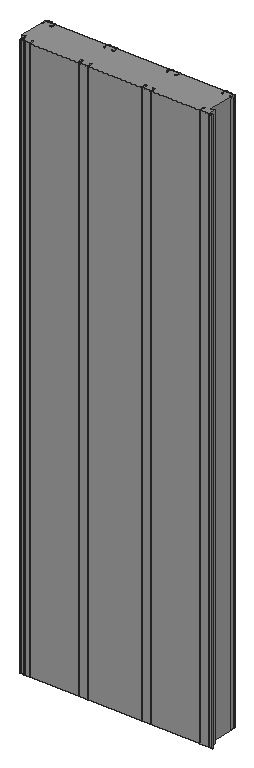
Revit family "1A- Wall Panel", category Generic Models, Revit 2019
Family settings
  Can host rebar = No
  Round Connector Dimension = Use Diameter
  Part Type = Normal
  Work Plane-Based = No
  Always vertical = Yes
  Cut with Voids When Loaded = Yes
  Shared = No
  Room Calculation Point = No
Parameters (values of type "9 1/4"")
  tt [instance] = if(not(Shiplap Trail), if(Trail Angle < 0.00°, (Panel Thickness / sin(90.00° + Trail Angle R)) * sin(-Trail Angle R) + TD, if(Trail Angle R < 0.00°, SLL, TD)), TD)  # 0' - 2"
  tl2 [instance] = if(Shiplap Lead, 0' 1", if(Angled Lead, if(Lead Angle > 0.00°, if(tl = 0' 0", 0' 0", if(tl - 0' 1" < 0' 0", tl, tl)), (Panel Thickness / sin(90.00° + Lead Angle R)) * sin(-Lead Angle R) + tl), 0' 1"))  # 0' - 1"
  not Reverse Array [instance] = and(Ledge 4, not(Reverse Array), not(LEND + Interior Spacing + SS > Panel Width))  # no
  not Ledge Array V [instance] = and(Top Ledge, not(Ledge Array V), Partial Top Ledge Length < Panel Width)  # no
  Trail Studs Height 2 [instance] = if(and(Not Array, Ledge Array Start > LEND), Ledge Studs, Trail Studs Height) - Bottom Ledge Height  # 10' - 4"
  Trail Int. Connector Reinforcement [instance] = no
  Trail Ext Connector Reinforcement [instance] = no
  Trail Gable Cut Height [instance] = 0' - 0"
  Trail Angle [instance] = 0.00°
  Top of cut void [instance] = Panel Height + 0' 1"  # 12' - 1"
  TD [instance] = 0' - 2"  # constant formula
  TCH [instance] = if(Panel Height - Trail Gable Cut Height < 0' 0", 0' 0", Panel Height - Trail Gable Cut Height)  # 12' - 0"
  T Trail 2 [instance] = if(Shiplap Trail, TD, if(Trail Angle > 0.00°, if(Angled Trail, T Trail, TD), if(SH * (T Trail - tt) / Panel Thickness < 0' 0", (SH * (tt - T Trail) / Panel Thickness) + TD, TD)))  # 0' - 2"
  T Trail [instance] = if(Shiplap Trail, TD, if(Trail Angle > 0.00°, (Panel Thickness / sin(90.00° - Trail Angle R)) * sin(Trail Angle R) + TD, if(Trail Angle R > 6.50°, SL, TD)))  # 0' - 2"
  T Lead 2 [instance] = if(Shiplap Lead, SLL + TD, if(Angled Lead, if(Lead Angle > 0.00°, if(Angled Lead, T Lead, TD), if(SH * (tl2 - T Lead) / Panel Thickness < 0' 0", TD + SH, (SH * (tl2 - T Lead) / Panel Thickness) + TD)), TD))  # 0' - 2 7/8"
  T Lead [instance] = if(Shiplap Lead, tl + SLL, if(Lead Angle > 0.00°, (Panel Thickness / sin(90.00° - Lead Angle R)) * sin(Lead Angle R) + tl, if(Lead Angle R > 6.50°, SL, tl + SLL)))  # 0' - 2 7/8"
  tl [instance] = if(not(Shiplap Lead), if(Lead Angle R > 6.50°, SH, TD), TD)  # 0' - 2"
  stud tl [instance] = if(Shiplap Lead, 0' 0", if(Lead Angle > 0.00°, if(Angled Lead, if((SH * (tl2 - T Lead)) / Panel Thickness < 0' 0", ((T Lead 2 - tl) / Panel Thickness) * SH, (SH * (tl2 - T Lead)) / Panel Thickness), 0' 0"), if(Angled Lead, tl2 - tl, 0' 0")))  # 0' - 0"
  Trail Connector INT [instance] = no
  Trail Connector EXT [instance] = no
  Trail Conn. Distance EXT [instance] = 0' - 9 1/4"
  Trail Angle R [instance] = if(Angled Trail, Trail Angle, 0.00°)  # 0.00°
  Stud tt [instance] = if(Shiplap Trail, SL, if(Trail Angle < 0.00°, if(Angled Trail, tt - T Trail, 0' 0"), if(SH * (tt - T Trail) / Panel Thickness < 0' 0", SH * (T Trail - tt) / Panel Thickness, 0' 0")))  # 0' - 0 7/8"
  Stud Count Interior 2 [instance] = if(and(Interior Spacing 2 > Interior Spacing, Stud Count Interior > 2), Stud Count Interior - 1, Stud Count Interior)  # 2
  Stud Count Interior [instance] = if((PW - Stud Spacing) / Stud Spacing - if(and(or(if(Top Ledge, Ledge Spacing, Interior Spacing 2) > Stud Spacing, Interior Array Start > Stud Spacing), and(or(Lead Connector INT, Trail Connector INT))), 1, 0) < 2, 2, (PW - Stud Spacing) / Stud Spacing - if(and(or(if(Top Ledge, Ledge Spacing, Interior Spacing 2) > Stud Spacing, Interior Array Start > Stud Spacing), and(or(Lead Connector INT, Trail Connector INT))), 1, 0))  # 2
  Stud Count Exterior Comp [instance] = if(Stud Count Exterior < 2, 2, Stud Count Exterior)  # 2
  Stud Count Exterior 2 [instance] = if(and(Stud Count Exterior Comp > 2, Exterior Spacing 2 > stud tl + SS, Angled Lead, Lead Angle < 0.00°), Stud Count Exterior Comp - 1, Stud Count Exterior Comp)  # 2
  Stud Count Exterior [instance] = if(or(and(not(Exterior Spacing = Spacing), Exterior Array Offset = 0' 0"), Exterior Array Start 2 > Interior Array Start 2), Stud Count - 1, Stud Count)  # 2
  Spacing [instance] = if(PW - (Stud Spacing * Stud Count) - SS / 2 < SS, SS, PW - (Initial Stud Spacing + SS + Stud Spacing * (Stud Count - 1)))  # 1' - 1 7/8"
  Shiplap Thickness = 0' - 1 3/4"  # constant formula
  Shiplap Length [instance] = 0' - 0 7/8"  # constant formula
  SS [instance] = 0' - 2 1/2"  # constant formula
  SLL [instance] = if(not(Shiplap Lead), 0' 0", Shiplap Length)  # 0' - 0 7/8"
  SH [instance] = 0' - 1 3/16"  # constant formula
  Reverse Ledge Spacing [instance] = if(not(Top Ledge Lead to Trail), roundup((LEND + SS) / Stud Spacing) * Stud Spacing, Panel Width / 2)  # 5' - 4"
  Reverse Ledge Array [instance] = if((Panel Width - LEND - Interior Spacing) / Stud Spacing < 2, 2, (Panel Width - LEND - Interior Spacing) / Stud Spacing)  # 2
  Reverse Array [instance] = and(Ledge 4, not((Panel Width - LEND - Interior Spacing) / Stud Spacing < 1), not(LEND + Interior Spacing + 2 * SS > Panel Width))  # no
  Reinforcement Trail Stud D [instance] = if(not(Angled Trail), 0' 5", 0' 5" + Stud tt)  # 0' - 5"
  Reinforcement Trail Stud Height [instance] = if(Top Ledge, if(and(LSTART > 0' 0", LSTART < 0' 5"), Ledge Studs, Interior Stud Height), Interior Stud Height)  # 12' - 0"
  Reinforcement Lead Stud Height [instance] = if(Top Ledge, if(and(LEND < Panel Width, LSTART = 0' 0", (Panel Width - LEND) > 0' 5"), Interior Stud Height, Ledge Studs), Interior Stud Height)  # 12' - 0"
  RFS2 [instance] = 1' - 1 1/2"
  RFS1 [instance] = 0' - 11 3/4"
  RFI [instance] = 0' - 3 15/32"
  Partial Ledge Lead [instance] = if(LSTART > 0' 0", 1 = 0, 1 = 1)  # yes
  PW [instance] = if(not(Shiplap Trail), if(Shiplap Lead, Panel Width - Shiplap Length, Panel Width), if(Shiplap Lead, Panel Width, Panel Width + Shiplap Length))  # 4' - 0"
  Top Ledge Lead to Trail [instance] = no
  Partial top Ledge Start [instance] = 0' - 0"
  Ledge Spacing [instance] = if(Lead Connector INT, if(Lead Conn. Distance INT < Spacing + SS, if(and(PW - LLEN < Interior Spacing 2, not(Top Ledge Lead to Trail)), Lead Conn. Distance INT - SS, if(Lead Conn. Distance INT + SS > Interior Spacing 2, Lead Conn. Distance INT - SS, Interior Spacing 2)), if(Spacing < 2 * SS, if(Spacing + Stud Spacing < Lead Conn. Distance INT + SS, Spacing + 2 * Stud Spacing, Spacing + Stud Spacing), Spacing)), if(LEND < Panel Width, if(PW - LEND + SS < Interior Spacing, Interior Spacing 2, Interior Spacing 2 + Stud Spacing), Interior Spacing 2))  # 1' - 1 7/8"
  Partial Top Ledge Length [instance] = 0' - 0"
  Top Ledge Corner Stud [instance] = no
  Ledge Array V [instance] = if(and(Top Ledge, not(Panel Width - (Ledge Array Start + Ledge Spacing) < Stud Spacing)), Top Ledge, 1 = 0)  # no
  Ledge Array Start [instance] = if(Trail Connector INT, Interior Array Start, if(and(LSTART = 0' 0", not(Top Ledge Lead to Trail)), Interior Array Start, if(((roundup(LSTART / Stud Spacing)) * Stud Spacing) - LSTART < SS, if(LSTART = 0' 0", Stud Spacing - SS / 2, (roundup(LSTART / Stud Spacing)) * Stud Spacing) - SS / 2 + Shiplap Length, if(LSTART = 0' 0", Stud Spacing - SS / 2, (roundup(LSTART / Stud Spacing)) * Stud Spacing) - SS / 2 + Shiplap Length)))  # 1' - 3 5/8"
  Ledge Array Comp 2 [instance] = and(Ledge 4, Ledge Spacing > SS, LEND < PW, not(Angled Lead))  # no
  Ledge Array Comp [instance] = and(Ledge 2, Ledge Array Start - LSTART > Stud Spacing, not(ButtedUp Trail Stud INT))  # no
  Ledge Array 2 [instance] = if(Ledge Array < 2, 2, Ledge Array)  # 2
  Ledge Array [instance] = if((LLEN - Ledge Array Start - (Interior Spacing)) / Stud Spacing < 2, 2, roundup((LLEN - Ledge Array Start - (Interior Spacing)) / Stud Spacing)) + if(and(Lead Conn. Distance INT > Spacing + SS, Spacing + Stud Spacing < Lead Conn. Distance INT + SS, Lead Connector INT), -1, 0)  # 2
  Ledge 6 [instance] = if(and(Ledge 4, Top Ledge Corner Stud), 1 = 1, 1 = 0)  # no
  Ledge 5 [instance] = if(and(Ledge 3, Top Ledge Corner Stud), 1 = 1, 1 = 0)  # no
  Ledge 4 [instance] = if(Top Ledge, if(and(Ledge 2, not(Ledge 3)), Top Ledge, not(Top Ledge)), Top Ledge)  # no
  Ledge 3 [instance] = if(Top Ledge, if(and(LSTART > 0' 0", LEND = Panel Width, LLEN > Stud Spacing, not(Top Ledge Lead to Trail)), Top Ledge, not(Top Ledge)), Top Ledge)  # no
  Ledge 2 [instance] = if(Top Ledge, if(and(or(Partial top Ledge Start > 0' 0", LEND < Panel Width), LEND - Ledge Array Start > Stud Spacing), Top Ledge, and(not(LEND < Stud Spacing), LSTART = 0' 0", Partial Top Ledge Length < Panel Width)), 1 = 0)  # no
  Ledge 1 [instance] = and(if(Top Ledge, if(Ledge 2, not(Top Ledge), Top Ledge), not(Top Ledge)), not(Interior Array Start > Panel Width), Panel Width - SS > Stud Spacing, not(Interior Array Start 2 > Panel Width - 2 * SS - (T Lead 2 - TD)), not(Panel Width < Interior Array Start 2 + Stud Spacing + Interior Spacing))  # yes
  Top Ledge [instance] = no
  Trail Studs Height [instance] = if(Top Ledge, if(and(LEND = Panel Width, LSTART = 0' 0"), Ledge Studs, if(LEND = Panel Width, Interior Stud Height, Panel Height - Top Ledge Height)), Interior Stud Height)  # 12' - 0"
  Lead Studs Height [instance] = if(Top Ledge, if(and(LSTART > 0' 0", LEND = PW), if(Bottom Ledge, Panel Height - Top Ledge Height - Bottom Ledge Height, Panel Height - Top Ledge Height), if(and(LSTART = 0' 0", LEND = PW), Ledge Studs, Interior Stud Height)), Interior Stud Height)  # 12' - 0"
  Lead Ext Connector Reinforcement [instance] = no
  Lead Gable Cut Height [instance] = 0' - 0"
  LSTART [instance] = if(Top Ledge, if(Top Ledge Lead to Trail, Partial top Ledge Start, 0' 0"), 0' 0")  # 0' - 0"
  LLEN [instance] = LEND - LSTART  # 4' - 0"
  LHEIGHT [instance] = if(Top Ledge, Top Ledge Height, 0' 0")  # 0' - 0"
  LFSI2 [instance] = 0' - 11"
  LFSI1 [instance] = 0' - 5"
  LFE [instance] = 1' - 3"
  LEND [instance] = if(Top Ledge, if(Top Ledge Lead to Trail, if(Partial top Ledge Start + Partial Top Ledge Length > PW, PW, Partial top Ledge Start + Partial Top Ledge Length), PW - Partial top Ledge Start), PW)  # 4' - 0"
  LCH [instance] = -SLL * (TCH - (Panel Height - Lead Gable Cut Height)) / Panel Width + (Panel Height - Lead Gable Cut Height)  # 12' - 0"
  LC2 [instance] = if(and(Top Ledge, Top Ledge Corner Stud, not(Top Ledge Lead to Trail)), Top Ledge Corner Stud, 1 = 0)  # no
  LC1 [instance] = if(and(Top Ledge, Top Ledge Corner Stud, Top Ledge Lead to Trail), Top Ledge Corner Stud, 1 = 0)  # no
  LBH [instance] = if(Bottom Ledge, Bottom Ledge Height, 0' 0")  # 0' - 0"
  Interior Spacing 2 [instance] = if(and(Interior Spacing < 2 * SS, INT Reinf Lead), if(and(Lead Connector INT, not(PW > 3 * Stud Spacing)), Lead Conn. Distance INT + SS, Interior Spacing + Stud Spacing), if(and(Lead Connector INT, Interior Spacing < Lead Conn. Distance INT + SS, PW < 3.75 * Stud Spacing), Lead Conn. Distance INT + SS, Interior Spacing))  # 1' - 1 7/8"
  Interior Array Start 2 [instance] = if(Interior Array Start < SS, Interior Array Start + Stud Spacing, Interior Array Start)  # 1' - 3 5/8"
  Int. Trail Conn. Stud Height [instance] = if(Partial top Ledge Start < Trail Conn. Distance INT, Panel Height - Interior Stud Height Offset, Ledge Studs) - Bottom Ledge Height  # 10' - 4"
  Initial Stud Spacing [instance] = if(Shiplap Trail, Stud Spacing + Shiplap Length - SS / 2, Stud Spacing - SS / 2)  # 1' - 3 5/8"
  INT Reinf Lead [instance] = or(Int Reinforcement Lead Stud, Interior Spacing > Stud Spacing)  # no
  GCTOP [instance] = 10' - 7.57588"
  Exterior Spacing 2 [instance] = if(Exterior Spacing < stud tl + SS, Exterior Spacing + Stud Spacing, Exterior Spacing)  # 1' - 1 7/8"
  Exterior Array Start 2 [instance] = if(Exterior Array Start < SS, Exterior Array Start + Stud Spacing, if(Exterior Array Start < Stud tt + SS, Exterior Array Start + Stud Spacing, Exterior Array Start))  # 1' - 3 5/8"
  Ext Reinforcement Trail Stud [instance] = no
  Reinforcement Lead Stud D [instance] = if(not(Angled Lead), SS - SLL, SS + stud tl)  # 0' - 1 5/8"
  Int Reinforcement Lead Stud [instance] = no
  Not Lead Shiplap [instance] = not(Shiplap Lead)  # no
  Not Female Trail [instance] = not(Female Trail)  # no
  Not Trail Shiplap [instance] = not(Shiplap Trail)  # no
  Stud Spacing [instance] = 1' - 4"
  Stud Material = Galvanized Steel
  Stud Count [instance] = if((PW - Stud Spacing) / Stud Spacing < 2, 2, (PW - Stud Spacing) / Stud Spacing)  # 2
  Panel Width [instance] = 4' - 0"
  Panel Thickness = 0' - 9 1/4"
  Panel Height [instance] = 12' - 0"
  Not Female Lead Exterior [instance] = and(not(Female Lead Exterior Auto), not(Shiplap Lead))  # no
  Not FTI [instance] = not(FTI)  # no
  Not FTE [instance] = not(FTE)  # no
  Not FLI [instance] = not(FLI)  # no
  Not Exterior Array [instance] = and(not(Exterior Array), not(Panel Width < Stud Spacing + 0' 5"), not(PW - stud tl - SS < Exterior Array Start + SS))  # no
  Not Array [instance] = and(or(and(not(Main Array), not(Panel Width < Stud Spacing + 2 * SS)), and(Ledge 3, Interior Array Start < LSTART), not(Interior Array Start > Panel Width), Panel Width - SS > Stud Spacing, not(Interior Array Start > Panel Width - 2 * SS - (T Lead 2 - TD))), not(Interior Array Start > Panel Width), Panel Width - SS > Stud Spacing, not(Interior Array Start > Panel Width - 2 * SS - (T Lead 2 - TD)), not(Ledge 1), not(Ledge 2), if(Lead Connector INT, (Panel Width - Lead Conn. Distance INT > Interior Array Start + SS), not((Lead Connector INT))))  # no
  Male Stud Gauge [instance] = Male Stud : 20 gauge
  Main Array [instance] = and((Panel Width - Interior Array Start) > Stud Spacing, not(Panel Width < Stud Spacing + 2 * SS), Panel Width > (Stud Spacing * Stud Count))  # yes
  Ledge Male Stud Gauge [instance] = Male Stud : 20 gauge
  Top Ledge Height [instance] = 1' - 1 1/2"
  Ledge Female Stud Gauge [instance] = Female Stud : 20 Gauge
  Ledge Common Stud Gauge [instance] = Common Stud : 20 gauge
  Shiplap Lead [instance] = yes
  ST [instance] = if(not(Shiplap Lead), 0' 0", Shiplap Thickness)  # 0' - 1 3/4"
  Ledge Studs [instance] = if(LLEN < Stud Spacing, Interior Stud Height, if(Top Ledge, if(Bottom Ledge, Panel Height - Top Ledge Height - Bottom Ledge Height, Panel Height - Top Ledge Height), Interior Stud Height))  # 12' - 0"
  Top Ledge Depth [instance] = 0' - 3 3/4"
  Lead Int. Connector Reinforcement [instance] = no
  Lead Connector EXT [instance] = no
  Lead Conn. Distance EXT [instance] = 0' - 9 1/4"
  Lead Angle [instance] = 0.00°
  Interior Stud Height Offset [instance] = 0' - 0"
  Interior Stud Height [instance] = Panel Height - Interior Stud Height Offset - if(Bottom Ledge, Bottom Ledge Height, 0' 0")  # 12' - 0"
  Lead Angle R [instance] = if(Angled Lead, Lead Angle, 0.00°)  # 0.00°
  Int Reinforcement Trail [instance] = no
  Ext Reinforcement Lead [instance] = no
  Interior Double Stud Corner [instance] = Spacing - T Lead > Stud Spacing  # no
  Interior Array Offset [instance] = 0' - 0"
  Female Trail Interior [instance] = no
  Lead Connector INT [instance] = no
  Interior Trail Female Corner [instance] = and(not(Lead Connector INT), Trail Connector INT)  # no
  Interior Spacing [instance] = if(or(not(Interior Lead Female Corner), (Lead Conn. Distance INT < (Spacing - SS))), if(Angled Lead, if(Lead Angle > 0.00°, if(Int Reinforcement Lead Stud, if(T Lead - tl + 2 * SS < Spacing + SS, Spacing, Spacing + Stud Spacing), if(Spacing + SS > T Lead - tl + 2 * SS, Spacing, Spacing + Stud Spacing)), Spacing), Spacing), if(Lead Conn. Distance INT + SS < Spacing, Spacing, Spacing + Stud Spacing)) - Interior Array Offset  # 1' - 1 7/8"
  Interior Lead Female Corner [instance] = and(Lead Connector INT)  # no
  Interior Array Start [instance] = if(and(Trail Connector INT, Trail Conn. Distance INT > (Initial Stud Spacing - SS)), Initial Stud Spacing + Stud Spacing, if(and(Lead Connector INT, PW - (Lead Conn. Distance INT + SS) < Stud Spacing + SS), PW - (Lead Conn. Distance INT + 2 * SS), Stud Spacing - SS / 2)) + if(and(Shiplap Lead, not(Shiplap Trail)), 0' 0", if(not(Shiplap Trail), 0' 0", Shiplap Length)) + Interior Array Offset  # 1' - 3 5/8"
  Foam Density [instance] = 1.5
  Female Trail Exterior [instance] = no
  Female Trail [instance] = yes
  Shiplap Trail [instance] = yes
  Female Stud Gauge [instance] = Female Stud : 20 Gauge
  Female Lead Interior [instance] = no
  Female Lead Exterior Auto [instance] = or(and(not(Shiplap Lead), (Female Lead)), and(not(Shiplap Lead), not(Female Lead), Female Lead Exterior))  # no
  Female Lead Exterior [instance] = no
  Female Lead [instance] = yes
  Trail Conn. Distance INT [instance] = 0' - 9 1/4"
  Lead Conn. Distance INT [instance] = 0' - 9 1/4"
  SL [instance] = if(not(Shiplap Trail), 0' 0", Shiplap Length)  # 0' - 0 7/8"
  Not Female Lead [instance] = not(Female Lead)  # no
  FTI [instance] = if(Female Trail, Female Trail, and(Not Female Trail, (Female Trail Interior)))  # yes
  FTE [instance] = if(Female Trail, Female Trail, and(Not Female Trail, (Female Trail Exterior)))  # yes
  FLI [instance] = if(Female Lead, Female Lead, and(Not Female Lead, (Female Lead Interior)))  # yes
  Exterior Trail Female Corner [instance] = and(not(Lead Connector EXT), Trail Connector EXT)  # no
  Exterior Stud Height Offset [instance] = 0' - 0"
  Exterior Spacing [instance] = if(or(not(Exterior Lead Female Corner), (Lead Conn. Distance EXT < (Spacing - SS))), if(Angled Lead, if(stud tl + SS > Spacing, Spacing + Stud Spacing, Spacing), if(not(Shiplap Lead), if(Ext Reinforcement Lead, Spacing + Stud Spacing, Spacing), if(Ext Reinforcement Lead, Spacing, Spacing))), Spacing + Stud Spacing) - Exterior Array Offset  # 1' - 1 7/8"
  Exterior Lead Female Corner [instance] = and(Lead Connector EXT, not(Trail Connector EXT))  # no
  Exterior Comon Double Stud [instance] = if(not(Shiplap Lead), 0' 3 1/2", 0' 2 1/2")  # 0' - 2 1/2"
  Exterior Array Start [instance] = if(and(Exterior Trail Female Corner, Trail Conn. Distance EXT > (Stud Spacing - SS)), Stud Spacing * 2 - SS / 2, Stud Spacing - SS / 2 + if(and(Shiplap Lead, not(Shiplap Trail)), 0' 0", if(not(Shiplap Trail), 0' 0", Shiplap Length))) + Exterior Array Offset  # 1' - 3 5/8"
  Exterior Array Offset [instance] = 0' - 0"
  Exterior Array [instance] = not((Exterior Spacing + Stud Spacing + Exterior Array Start 2) > Panel Width)  # yes
  Exterior Stud Height [instance] = Panel Height - Exterior Stud Height Offset  # 12' - 0"
  EXT Reinf Lead [instance] = or(Ext Reinforcement Lead, Exterior Spacing > Stud Spacing)  # no
  EPS = EPS 2
  Double Stud Corner [instance] = Spacing - stud tl > Stud Spacing  # no
  Show Cut Lines [instance] = no
  Cut Line RF [instance] = 4' - 0"
  Cut Line LF [instance] = 3' - 0"
  Cut Line RB [instance] = 2' - 6"
  Cut Line LB [instance] = 1' - 0"
  Connector Trail Stud Height 2 [instance] = if(and(Trail Connector INT, Trail Conn. Distance INT = LSTART), Panel Height, Ledge Studs)  # 12' - 0"
  Connector Trail Stud Height [instance] = if(Top Ledge, if(and(LSTART > 0' 0", LSTART < Trail Conn. Distance INT), Interior Stud Height, Ledge Studs), Interior Stud Height)  # 12' - 0"
  Connector Lead Stud Height [instance] = if(Top Ledge, if(and(LEND < Panel Width, (Panel Width - LEND) < Lead Conn. Distance INT), Ledge Studs, Interior Stud Height), Interior Stud Height)  # 12' - 0"
  Comp. Stud Trail Exterior [instance] = Trail Conn. Distance EXT + SS  # 0' - 11 3/4"
  Comp. Stud Trail Interior [instance] = Trail Conn. Distance INT + SS  # 0' - 11 3/4"
  Comp. Stud Lead Exterior [instance] = Lead Conn. Distance EXT + SS  # 0' - 11 3/4"
  Comp. Stud Lead Interior [instance] = Lead Conn. Distance INT + SS  # 0' - 11 3/4"
  Common Stud gauge [instance] = Common Stud : 20 gauge
  Com Conn Stud Trail INT [instance] = if(Trail Connector INT, if(and(Trail Conn. Distance INT > Initial Stud Spacing, Trail Conn. Distance INT < Initial Stud Spacing + SS), Trail Conn. Distance INT, Trail Conn. Distance INT + SS), Trail Conn. Distance INT)  # 0' - 9 1/4"
  ButtedUp Trail Stud INT [instance] = or(and(Trail Connector INT, (Trail Conn. Distance INT > Initial Stud Spacing), Trail Conn. Distance INT - SS < Initial Stud Spacing), Trail Int. Connector Reinforcement)  # no
  ButtedUp Trail Stud EXT [instance] = or(and(Exterior Trail Female Corner, (Trail Conn. Distance EXT > Stud Spacing), Trail Conn. Distance EXT > Stud tt + SS), Trail Ext Connector Reinforcement)  # no
  Butted to reiforcement Lead [instance] = and(Not Exterior Array, Int Reinforcement Lead Stud, (Panel Width - (Exterior Array Start + Exterior Spacing + 0' 2 1/2" + SL) > Stud Spacing))  # no
  Buted Up Lead Stud INT [instance] = or(and(Lead Connector INT, Lead Conn. Distance INT > Spacing + SS, not(Lead Conn. Distance INT - SS = Spacing), Stud Count Interior 2 > 2), Lead Int. Connector Reinforcement)  # no
  Buted Up Lead Stud EXT [instance] = or(and(Exterior Lead Female Corner, (Lead Conn. Distance EXT - 0' 2 1/2") > Stud Spacing), Lead Ext Connector Reinforcement)  # no
  Bottom Ledge Height [instance] = 1' - 8"
  Bottom Ledge Depth [instance] = 0' - 4"
  Bottom Ledge [instance] = no
  Angled Trail [instance] = no
  Angled Lead [instance] = no
Reference planes (in)
  plane 1 "Center (Front/Back)": y = 0
  plane 2: z = 0
  plane 3 "Center (Left/Right)": x = 0
  plane 4 "Tail Edge": x = -24
  plane 5 "Lead Edge": x = 24
  plane 6 "Interior Face": y = 4.625
  plane 7 "Exterior Face": y = -4.625
  plane 8 "T/O Panel": z = 144
  plane 9: x = 10.125
  plane 10: x = -8.375
  plane 11 "Bottom of Ledge": z = 144
  plane 12 "RB": z = 30
  plane 13 "LB": z = 12
  plane 14 "LF": z = 36
  plane 15 "RF": z = 48
  plane 16 "Center L/AA": y = 0.875
  plane 17 "Ledge Start": x = -24
  plane 18 "Ledge End": x = 24
  plane 19 "Ledge Array Start": x = -8.375
  plane 20 "Center L/CC": x = 24.875
  plane 21 "Top of ledge void": z = 145
  plane 22 "Lead Ship. Exterior Corner": x = 19
  plane 23 "Lead Ship. Interior Corner": x = 13
  plane 24 "Lead Ship. Interior Rev Corner": x = 9
  plane 25 "Trail Ship Interior Corner": x = -13
  plane 26 "Trail Ship Exterior Corner": x = -9
  plane 27 "Trail Ship Rev Intereior Corner": x = -19
  plane 28 "Trail Shiplap Interior Corner": y = -3.45999
  plane 29 "Trail Shiplap Rev Interior Corner": y = -2.875
  plane 30 "u": z = -1
  plane 31 "Bottom Ledge": z = 0
  plane 32 "Bottom Ledge Depth": y = 0.625
Forms (in)
  Extrusion 1, void
    sketch origin (0, 0, 0) x (1, 0, 0) y (0, 1, 0)
      loop
        line (25.875, -2.875) -> (25.875, 4.625) -> (24, 4.625) -> (24, -2.875) -> (25.875, -2.875)
    from 0 to 144 <- "Panel Height"
  Extrusion 2, solid, material "EPS 2" <- "EPS"
    sketch origin (0.71514, 2.375, 0) x (1, 0, 0) y (0, 1, 0)
      loop
        line (-24.71514, 2.25) -> (-24.71514, -7) -> (24.15986, -7) -> (24.15986, 2.25) -> (-24.71514, 2.25)
    from 0 to 144 <- "Panel Height"
  Extrusion 3, void
    sketch origin (0, 0, 0) x (1, 0, 0) y (0, 0, 1)
      loop
        line (24, 144) -> (24, 145) -> (-24, 145) -> (-24, 144) -> (24, 144)
    from -0.875 to -4.625
  Extrusion 4, void
    sketch origin (0, 0, 0) x (1, 0, 0) y (0, 1, 0)
      loop
        line (-23.125, -4.625) -> (-23.125, -2.875) -> (-26, -2.875) -> (-26, -4.625) -> (-23.125, -4.625)
    from 0 to 144
  Extrusion 5, void
    sketch origin (-4.83209, 0, 0) x (1, 0, 0) y (0, 1, 0)
      loop
        line (28.83209, 4.625) -> (30.70709, -4.625) -> (31.70709, -4.625) -> (31.70709, 4.625) -> (28.83209, 4.625)
    from 0 to 145
  Extrusion 6, void
    sketch origin (0, 0, 0) x (1, 0, 0) y (0, 1, 0)
      loop
        line (-26, -4.625) -> (-24, -4.625) -> (-24, 4.625) -> (-26, 4.625) -> (-26, -4.625)
    from -1 to 145
  Extrusion 7, void
    sketch origin (0, -4.625, 0) x (1, 0, 0) y (0, 0, 1)
      loop
        line (-24, -1) -> (24.875, -1) -> (24.875, 0) -> (-24, 0) -> (-24, -1)
    from -5.25 to -9.25
Cuts and joins
  Extrusion 1, Extrusion 3, Extrusion 4, Extrusion 5, Extrusion 6, Extrusion 7 cuts Extrusion 2
Lines and regions (in)
  reference lines
    curve 1: line (24.875, 6.23146, 0) -> (24.875, 15.85688, 0)
    curve 2: line (-23.125, -1, 0) -> (-23.125, 5.58066, 0)
    curve 3: line (13.12183, -2.875, 0) -> (-8.09375, -2.875, 0)
    curve 4: line (-14.75, 6.70268, 0) -> (-14.75, -0.12798, 0)
    curve 5: line (10.125, 13.84154, 0) -> (10.125, -3.50298, 0)
    curve 6: line (14.75, 5.96808, 0) -> (14.75, -0.12798, 0)
    curve 7: line (12.25, 6.23146, 0) -> (12.25, -4.9742, 0)
    curve 8: line (-8.375, 6.23146, 0) -> (-8.375, -0.5992, 0)
    curve 9: line (-12.25, 6.70268, 0) -> (-12.25, -0.5992, 0)
    curve 10: line (22.375, 6.23146, 0) -> (22.375, -4.9742, 0)
    curve 11: line (-18.125, 5.58066, 0) -> (-18.125, -0.5992, 0)
    curve 12: line (22.375, 2.16934, 0) -> (22.375, -4.08066, 0)
    curve 13: line (24, 6.23146, 0) -> (24, -4.9742, 0)
    curve 18: line (-14.75, 5.83066, 0) -> (-14.75, -1, 0)
    curve 19: line (14.75, 12.96952, 0) -> (14.75, -1, 0)
    curve 20: line (-12.25, 6.70268, 0) -> (-12.25, -0.5992, 0)
    curve 21: line (12.25, 6.23146, 0) -> (12.25, -4.9742, 0)
    curve 22: line (26.875, 6.23146, 0) -> (26.875, -1, 0)
    curve 23: line (24, 7.70268, 0) -> (24, -3.50298, 0)
    curve 24: line (-26, 5.96808, 0) -> (-26, -4.08066, 0)
    curve 25: line (-24, 5.58066, 0) -> (-24, -1, 0)
    curve 26: line (-23.125, 5.58066, 0) -> (-23.125, -1, 0)
    curve 27: line (21.5, 13.84154, 0) -> (21.5, -3.50298, 0)
    curve 28: line (-21.5, 7.125, 0) -> (-21.5, 0.29434, 0)
    curve 29: line (10.125, 26.125, 0) -> (10.125, -12.08066, 0)
    curve 30: line (40, 6.23146, 0) -> (40, -6.7242, 0)
    curve 31: line (-14.75, 5.96808, 0) -> (-14.75, -5.78192, 0)
  model lines, style "GenericModelHiddenLines", visible <- "Show Cut Lines"
    curve 14: line (24, -4.625, 48) -> (24, 4.625, 30)
    curve 15: line (24, -4.625, 48) -> (-24, -4.625, 36)
    curve 16: line (-24, -4.625, 36) -> (-24, 4.625, 12)
    curve 17: line (-24, 4.625, 12) -> (24, 4.625, 30)
Dimensions and locks (in)
  "Panel Height": plane 8 "T/O Panel" to level
  "PW": plane 4 "Tail Edge" to plane 5 "Lead Edge"
  equal spacing: plane 4 "Tail Edge", plane 3 "Center (Left/Right)", plane 5 "Lead Edge"
  "Panel Thickness": plane 7 "Exterior Face" to plane 6 "Interior Face"
  equal spacing: plane 6 "Interior Face", plane 1 "Center (Front/Back)", plane 7 "Exterior Face"
  group 1 to group 2 = 1' - 4"
  group 1 to group 2 = 0' - 0"  (x2)
  "SL": plane 4 "Tail Edge" to curve 2
  "Exterior Spacing 2": plane 9 to plane 5 "Lead Edge"
  "Exterior Array Start 2": plane 4 "Tail Edge" to plane 10
  "ST": plane 7 "Exterior Face" to curve 3
  "Trail Conn. Distance INT": plane 4 "Tail Edge" to curve 4
  "Interior Spacing 2": curve 5 to plane 5 "Lead Edge"
  "Lead Conn. Distance INT": curve 6 to plane 5 "Lead Edge"
  "Comp. Stud Lead Interior": curve 7 to plane 5 "Lead Edge"
  "Interior Array Start 2": plane 4 "Tail Edge" to curve 8
  "Comp. Stud Trail Interior": plane 4 "Tail Edge" to curve 9
  "LHEIGHT": plane 11 "Bottom of Ledge" to plane 8 "T/O Panel"
  "SLL": plane 5 "Lead Edge" to curve 1
  curve 10 to curve 1 = 0' - 2 1/2"
  "Reinforcement Trail Stud D": curve 2 to curve 11
  "Reinforcement Lead Stud D": curve 12 to plane 5 "Lead Edge"
  "Cut Line LB": plane 13 "LB" to level
  "Cut Line RB": plane 12 "RB" to level
  "Cut Line RF": plane 15 "RF" to plane 2
  "Cut Line LF": plane 14 "LF" to plane 2
  "Trail Conn. Distance EXT": plane 4 "Tail Edge" to curve 18
  "Lead Conn. Distance EXT": curve 19 to plane 5 "Lead Edge"
  "Comp. Stud Trail Exterior": plane 4 "Tail Edge" to curve 20
  "Comp. Stud Lead Exterior": curve 21 to plane 5 "Lead Edge"
  "T Lead": Extrusion 5 sketch curve to Extrusion 5 sketch curve
  "tl2": Extrusion 5 sketch curve to curve 22
  "tl": curve 1 to curve 22
  "T Lead 2": curve 13 to curve 22
  "stud tl": curve 23 to plane 5 "Lead Edge"
  "Stud tt": plane 4 "Tail Edge" to curve 26
  "TD": curve 24 to plane 4 "Tail Edge"
  "T Trail 2": curve 24 to curve 25
  group 4 to group 3 = 1' - 4"
  group 3 to group 4 = 0' - 0"  (x2)
  "T Trail": Extrusion 6 sketch curve to Extrusion 6 sketch curve
  "tt": Extrusion 6 sketch curve to Extrusion 6 sketch curve
  curve 27 to curve 13 = 0' - 2 1/2"
  curve 25 to curve 28 = 0' - 2 1/2"
  "Top Ledge Depth": plane 6 "Interior Face" to plane 16 "Center L/AA"
  "LSTART": plane 4 "Tail Edge" to plane 17 "Ledge Start"
  "LEND": plane 4 "Tail Edge" to plane 18 "Ledge End"
  group 5 to group 6 = 1' - 4"
  group 5 to group 6 = 0' - 0"  (x2)
  "Ledge Array Start": plane 4 "Tail Edge" to plane 19 "Ledge Array Start"
  "SS": plane 17 "Ledge Start" to nested 34
  group 7 to group 8 = 1' - 4 3/8"
  group 7 to group 8 = 0' - 0"  (x2)
  "SLL": plane 5 "Lead Edge" to plane 20 "Center L/CC"
  "Reverse Ledge Spacing": plane 17 "Ledge Start" to curve 30
  locked: plane 21 "Top of ledge void" to plane 8 "T/O Panel" at 1
  "LFE": plane 17 "Ledge Start" to plane 26 "Trail Ship Exterior Corner"
  "LFSI2": plane 17 "Ledge Start" to plane 25 "Trail Ship Interior Corner"
  "LFSI1": plane 17 "Ledge Start" to plane 27 "Trail Ship Rev Intereior Corner"
  plane 23 "Lead Ship. Interior Corner" to Extrusion 5 = 1' - 1 7/8"
  plane 24 "Lead Ship. Interior Rev Corner" to Extrusion 5 = 1' - 5 7/8"
  cut or joined group of Extrusion 1, Extrusion 2, Extrusion 3, Extrusion 4, Extrusion 5, Extrusion 6, Extrusion 7 to nested 26 to nested 6 to cut or joined group of Extrusion 1, Extrusion 2, Extrusion 3, Extrusion 4, Extrusion 5, Extrusion 6, Extrusion 7 = 1' - 4", 1' - 4", 1' - 4"
  locked: plane 2 to plane 30 "u" at 1
  "LBH": plane 31 "Bottom Ledge" to plane 2
  "Bottom Ledge Depth": plane 6 "Interior Face" to plane 32 "Bottom Ledge Depth"
  plane 7 "Exterior Face" to plane 29 "Trail Shiplap Rev Interior Corner" = 0' - 1 3/4"
  "Com Conn Stud Trail INT": plane 4 "Tail Edge" to curve 31
  "Ledge Spacing": curve 29 to plane 5 "Lead Edge"
  aligned and locked: plane 2 to level
  aligned and locked: plane 7 "Exterior Face" to nested 1
  aligned and locked: plane 7 "Exterior Face" to nested 2
  aligned and locked: nested 3 to plane 6 "Interior Face"
  aligned and locked: plane 5 "Lead Edge" to Extrusion 1
  aligned and locked: Extrusion 2 to curve 1
  aligned and locked: nested 9 to plane 7 "Exterior Face"
  aligned and locked: nested 12 to plane 7 "Exterior Face"
  aligned and locked: cut or joined group of Extrusion 1, Extrusion 2, Extrusion 3, Extrusion 4, Extrusion 5, Extrusion 6, Extrusion 7 to nested 10
  aligned and locked: nested 11 to cut or joined group of Extrusion 1, Extrusion 2, Extrusion 3, Extrusion 4, Extrusion 5, Extrusion 6, Extrusion 7
  aligned and locked: nested 3 to cut or joined group of Extrusion 1, Extrusion 2, Extrusion 3, Extrusion 4, Extrusion 5, Extrusion 6, Extrusion 7
  aligned and locked: cut or joined group of Extrusion 1, Extrusion 2, Extrusion 3, Extrusion 4, Extrusion 5, Extrusion 6, Extrusion 7 to nested 8
  aligned and locked: plane 4 "Tail Edge" to cut or joined group of Extrusion 1, Extrusion 2, Extrusion 3, Extrusion 4, Extrusion 5, Extrusion 6, Extrusion 7
  aligned and locked: nested 13 to cut or joined group of Extrusion 1, Extrusion 2, Extrusion 3, Extrusion 4, Extrusion 5, Extrusion 6, Extrusion 7
  aligned and locked: nested 8 to cut or joined group of Extrusion 1, Extrusion 2, Extrusion 3, Extrusion 4, Extrusion 5, Extrusion 6, Extrusion 7
  aligned and locked: nested 12 to cut or joined group of Extrusion 1, Extrusion 2, Extrusion 3, Extrusion 4, Extrusion 5, Extrusion 6, Extrusion 7
  aligned and locked: curve 4 to nested 11
  aligned and locked: curve 6 to nested 10
  aligned and locked: nested 8 to curve 7
  aligned and locked: cut or joined group of Extrusion 1, Extrusion 2, Extrusion 3, Extrusion 4, Extrusion 5, Extrusion 6, Extrusion 7 to nested 15
  aligned and locked: Extrusion 3 to plane 11 "Bottom of Ledge"
  aligned and locked: Extrusion 3 to plane 6 "Interior Face"
  aligned and locked: nested 2 to Extrusion 4 sketch curve
  aligned and locked: plane 6 "Interior Face" to nested 16
  aligned and locked: plane 6 "Interior Face" to nested 4
  aligned and locked: nested 16 to plane 6 "Interior Face"
  aligned and locked: curve 10 to nested 1
  aligned and locked: curve 11 to nested 18
  aligned and locked: nested 18 to plane 7 "Exterior Face"
  aligned and locked: nested 19 to plane 7 "Exterior Face"
  aligned and locked: plane 6 "Interior Face" to nested 17
  aligned and locked: plane 10 to nested 20
  aligned and locked: nested 21 to plane 7 "Exterior Face"
  aligned and locked: curve 12 to nested 21
  aligned and locked: nested 23 to plane 7 "Exterior Face"
  aligned and locked: nested 23 to curve 18
  aligned and locked: nested 22 to curve 19
  aligned and locked: nested 22 to plane 7 "Exterior Face"
  aligned and locked: curve 20 to nested 24
  aligned and locked: nested 24 to plane 7 "Exterior Face"
  aligned and locked: curve 21 to nested 25
  aligned and locked: plane 7 "Exterior Face" to nested 25
  aligned and locked: Extrusion 5 sketch curve to plane 6 "Interior Face"
  aligned and locked: nested 16 to curve 13
  aligned and locked: curve 13 to nested 4
  aligned and locked: curve 23 to nested 12
  aligned and locked: nested 9 to curve 23
  aligned and locked: Extrusion 6 sketch curve to plane 7 "Exterior Face"
  aligned and locked: plane 6 "Interior Face" to Extrusion 6 sketch curve
  aligned and locked: nested 13 to curve 25
  aligned and locked: curve 25 to nested 3
  aligned and locked: nested 14 to curve 26
  aligned and locked: nested 2 to curve 26
  aligned and locked: curve 2 to Extrusion 4 sketch curve
  aligned and locked: nested 26 to plane 7 "Exterior Face"
  aligned and locked: nested 17 to curve 8
  aligned and locked: Extrusion 6 sketch curve to curve 24
  aligned and locked: plane 10 to nested 26
  aligned and locked: plane 6 "Interior Face" to nested 27
  aligned and locked: nested 27 to curve 27
  aligned and locked: plane 6 "Interior Face" to nested 28
  aligned and locked: nested 28 to curve 28
  aligned and locked: plane 8 "T/O Panel" to Extrusion 4
  aligned and locked: nested 20 to plane 7 "Exterior Face"
  aligned and locked: plane 17 "Ledge Start" to nested 29
  aligned and locked: plane 18 "Ledge End" to nested 30
  aligned and locked: plane 6 "Interior Face" to nested 30
  aligned and locked: plane 6 "Interior Face" to nested 29
  aligned and locked: plane 6 "Interior Face" to nested 33
  aligned and locked: plane 6 "Interior Face" to nested 34
  aligned and locked: nested 32 to curve 29
  aligned and locked: plane 18 "Ledge End" to nested 35
  aligned and locked: plane 6 "Interior Face" to nested 35
  aligned and locked: nested 36 to plane 9
  aligned and locked: plane 6 "Interior Face" to nested 5
  aligned and locked: plane 6 "Interior Face" to nested 7
  aligned and locked: plane 6 "Interior Face" to nested 31
  aligned and locked: plane 6 "Interior Face" to nested 32
  aligned and locked: plane 6 "Interior Face" to nested 37
  aligned and locked: plane 6 "Interior Face" to nested 36
  aligned and locked: nested 38 to plane 9
  aligned and locked: plane 6 "Interior Face" to nested 38
  aligned and locked: plane 21 "Top of ledge void" to Extrusion 3 sketch curve
  aligned and locked: Extrusion 3 to plane 16 "Center L/AA"
  aligned and locked: plane 18 "Ledge End" to nested 37
  aligned and locked: Extrusion 3 to plane 17 "Ledge Start"
  aligned and locked: Extrusion 3 to Extrusion 6
  aligned and locked: nested 33 to curve 28
  aligned and locked: plane 4 "Tail Edge" to curve 17
  aligned and locked: plane 19 "Ledge Array Start" to nested 31
  aligned and locked: nested 5 to curve 8
  aligned and locked: plane 7 "Exterior Face" to nested 14
  aligned and locked: nested 6 to plane 9
  aligned and locked: curve 5 to nested 7
  aligned and locked: plane 31 "Bottom Ledge" to Extrusion 7 sketch curve
  aligned and locked: Extrusion 7 sketch curve to plane 17 "Ledge Start"
  aligned and locked: plane 31 "Bottom Ledge" to nested 35
  aligned and locked: plane 31 "Bottom Ledge" to nested 16
  aligned and locked: plane 31 "Bottom Ledge" to nested 27
  aligned and locked: plane 31 "Bottom Ledge" to nested 4
  aligned and locked: plane 31 "Bottom Ledge" to nested 10
  aligned and locked: plane 31 "Bottom Ledge" to nested 8
  aligned and locked: plane 31 "Bottom Ledge" to nested 38
  aligned and locked: plane 31 "Bottom Ledge" to nested 36
  aligned and locked: plane 31 "Bottom Ledge" to nested 32
  aligned and locked: plane 31 "Bottom Ledge" to nested 7
  aligned and locked: plane 31 "Bottom Ledge" to nested 31
  aligned and locked: plane 31 "Bottom Ledge" to nested 17
  aligned and locked: plane 31 "Bottom Ledge" to nested 5
  aligned and locked: plane 31 "Bottom Ledge" to nested 15
  aligned and locked: nested 11 to plane 31 "Bottom Ledge"
  aligned and locked: plane 31 "Bottom Ledge" to nested 34
  aligned and locked: plane 31 "Bottom Ledge" to nested 33
  aligned and locked: plane 31 "Bottom Ledge" to nested 28
  aligned and locked: nested 3 to plane 31 "Bottom Ledge"
  aligned and locked: plane 31 "Bottom Ledge" to nested 29
  aligned and locked: plane 31 "Bottom Ledge" to nested 37
  aligned and locked: Extrusion 5 to level
  aligned and locked: plane 31 "Bottom Ledge" to nested 30
  aligned and locked: Extrusion 7 sketch curve to plane 30 "u"
  aligned and locked: nested 13 to plane 31 "Bottom Ledge"
  aligned and locked: nested 6 to plane 7 "Exterior Face"
  aligned and locked: Extrusion 6 to plane 30 "u"
  aligned and locked: Extrusion 3 to Extrusion 5
  aligned and locked: curve 22 to Extrusion 5 sketch curve
  aligned and locked: Extrusion 5 sketch curve to plane 7 "Exterior Face"
  aligned and locked: Extrusion 4 sketch curve to plane 29 "Trail Shiplap Rev Interior Corner"
  aligned and locked: Extrusion 4 sketch curve to Extrusion 6
  aligned and locked: nested 15 to curve 31
  aligned and locked: Extrusion 7 to plane 32 "Bottom Ledge Depth"
  aligned and locked: plane 6 "Interior Face" to Extrusion 7
  aligned and locked: Extrusion 1 sketch curve to curve 3
  aligned and locked: Extrusion 3 sketch curve to plane 5 "Lead Edge"
  aligned and locked: curve 12 to nested 19
Automatic sketch dimensions
  Extrusion 1 sketch curve to plane 5 "Lead Edge" = 0' - 0"
  plane 6 "Interior Face" to Extrusion 1 sketch curve = 0' - 0"
  Extrusion 1 sketch curve to Extrusion 1 sketch curve = 0' - 1 7/8"
  Extrusion 2 sketch curve to plane 4 "Tail Edge" = 0' - 0"
  Extrusion 2 sketch curve to plane 5 "Lead Edge" = 0' - 0 7/8"
  Extrusion 2 sketch curve to plane 7 "Exterior Face" = 0' - 0"
  plane 6 "Interior Face" to Extrusion 2 sketch curve = 0' - 0"
  Extrusion 3 sketch curve to plane 4 "Tail Edge" = 0' - 0"
  Extrusion 3 sketch curve to plane 11 "Bottom of Ledge" = 0' - 0"
  curve 14 to plane 6 "Interior Face" = 0' - 0"
  curve 14 to plane 7 "Exterior Face" = 0' - 0"
  curve 14 to plane 15 "RF" = 0' - 0"
  curve 14 to plane 12 "RB" = 0' - 0"
  plane 5 "Lead Edge" to curve 17 = 0' - 0"
  curve 17 to plane 12 "RB" = 0' - 0"
  curve 17 to plane 13 "LB" = 0' - 0"
  plane 4 "Tail Edge" to curve 15 = 0' - 0"
  plane 5 "Lead Edge" to curve 15 = 0' - 0"
  curve 15 to plane 15 "RF" = 0' - 0"
  curve 15 to plane 14 "LF" = 0' - 0"
  curve 16 to plane 6 "Interior Face" = 0' - 0"
  curve 16 to plane 7 "Exterior Face" = 0' - 0"
  curve 16 to plane 14 "LF" = 0' - 0"
  curve 16 to plane 13 "LB" = 0' - 0"
  plane 20 "Center L/CC" to Extrusion 7 sketch curve = 0' - 0"
  curve 3 to plane 10 = 0' - 0 9/32"
  curve 3 to plane 23 "Lead Ship. Interior Corner" = 0' - 0.12183"
  plane 7 "Exterior Face" to curve 10 = 0' - 0.3492"
  plane 7 "Exterior Face" to curve 7 = 0' - 0.3492"
  curve 21 to curve 7 = 0' - 0"  (x2)
  plane 7 "Exterior Face" to curve 13 = 0' - 0.3492"
  plane 7 "Exterior Face" to curve 31 = 0' - 1.15692"
  plane 7 "Exterior Face" to curve 30 = 0' - 2.0992"
  plane 7 "Exterior Face" to curve 29 = 0' - 7.45566"
  curve 12 to plane 7 "Exterior Face" = 0' - 0.54434"
  curve 24 to plane 7 "Exterior Face" = 0' - 0.54434"
  curve 5 to plane 28 "Trail Shiplap Interior Corner" = 0' - 0.04299"
  curve 27 to plane 28 "Trail Shiplap Interior Corner" = 0' - 0.04299"
  curve 23 to plane 28 "Trail Shiplap Interior Corner" = 0' - 0.04299"
  plane 1 "Center (Front/Back)" to curve 22 = 0' - 1"
  plane 1 "Center (Front/Back)" to curve 19 = 0' - 1"
  plane 1 "Center (Front/Back)" to curve 18 = 0' - 1"
  plane 1 "Center (Front/Back)" to curve 2 = 0' - 1"
  curve 25 to curve 2 = 0' - 0"
  curve 26 to curve 2 = 0' - 0"
  plane 1 "Center (Front/Back)" to curve 11 = 0' - 0.5992"
  plane 1 "Center (Front/Back)" to curve 8 = 0' - 0.5992"
  plane 1 "Center (Front/Back)" to curve 9 = 0' - 0.5992"
  curve 20 to curve 9 = 0' - 0"
  plane 1 "Center (Front/Back)" to curve 4 = 0' - 0.12798"
  plane 1 "Center (Front/Back)" to curve 6 = 0' - 0.12798"
  curve 28 to plane 1 "Center (Front/Back)" = 0' - 0.29434"
  plane 16 "Center L/AA" to curve 12 = 0' - 1.29434"
  plane 6 "Interior Face" to curve 25 = 0' - 0.95566"
  plane 6 "Interior Face" to curve 11 = 0' - 0.95566"
  curve 25 to curve 26 = 0' - 0"
  curve 2 to curve 26 = 0' - 0"
  plane 6 "Interior Face" to curve 18 = 0' - 1.20566"
  plane 6 "Interior Face" to curve 24 = 0' - 1.34308"
  curve 18 to curve 31 = 0' - 0.13742"
  plane 6 "Interior Face" to curve 6 = 0' - 1.34308"
  plane 6 "Interior Face" to curve 30 = 0' - 1.60646"
  plane 6 "Interior Face" to curve 7 = 0' - 1.60646"
  plane 6 "Interior Face" to curve 22 = 0' - 1.60646"
  plane 6 "Interior Face" to curve 8 = 0' - 1.60646"
  plane 6 "Interior Face" to curve 10 = 0' - 1.60646"
  curve 13 to curve 10 = 0' - 0"
  curve 1 to curve 22 = 0' - 0"
  curve 8 to curve 20 = 0' - 0.47122"
  curve 31 to curve 4 = 0' - 0.7346"
  curve 9 to curve 20 = 0' - 0"
  curve 2 to curve 28 = 0' - 1.54434"
  curve 1 to curve 23 = 0' - 1.47122"
  curve 6 to curve 19 = 0' - 7.00144"
  curve 19 to curve 27 = 0' - 0.87202"
  curve 19 to curve 5 = 0' - 0.87202"
  curve 27 to curve 1 = 0' - 2.01534"
  curve 5 to curve 29 = 1' - 0.28346"
Nested families (in)
  nested 1: "Male Stud" at (24.0625, -4.03283, 0) x (-1, 0, 0) z (0, 0, 1), visible <- "Shiplap Lead", Height_x <- "Exterior Stud Height", type <- "Male Stud Gauge", type "20 gauge"
    with Height_x 12' - 0"
  nested 2: "Female Stud" at (-21.875, -4.03051, 0) x (-1, 0, 0) z (0, 0, 1), Height_x <- "Exterior Stud Height", visible <- "FTE", type <- "Female Stud Gauge", type "20 Gauge"
    with Height_x 12' - 0", Exterior Face yes
  nested 3: "Female Stud" at (-22.75, 4.03051, 0) x (-1, 0, 0) z (0, 0, 1), Height_x <- "Trail Studs Height", visible <- "FTI", type <- "Ledge Female Stud Gauge", type "20 Gauge"
    with Height_x 12' - 0", Exterior Face no
  nested 4: "Female Stud" at (22.75, 4.03051, 0), Height_x <- "Lead Studs Height", type <- "Ledge Female Stud Gauge", visible <- "FLI", type "20 Gauge"
    with Height_x 12' - 0", Exterior Face no
  nested 5: "Common Stud" at (-7.125, 4.03125, 0), Height_x <- "Ledge Studs", type <- "Ledge Common Stud Gauge", visible <- "Ledge 1", type "20 gauge"
    with Height_x 12' - 0", Exterior Face no
  nested 6: "Common Stud" at (8.875, -4.03125, 0), Height_x <- "Exterior Stud Height", type <- "Common Stud gauge", visible <- "Exterior Array", type "20 gauge"
    with Height_x 12' - 0"
  nested 7: "Common Stud" at (8.875, 4.03125, 0), Height_x <- "Ledge Studs", type <- "Ledge Common Stud Gauge", visible <- "Ledge 1", type "20 gauge"
    with Height_x 12' - 0", Exterior Face no
  nested 8: "Common Stud" at (11, 4.03125, 0), visible <- "Buted Up Lead Stud INT", Height_x <- "Interior Stud Height", type <- "Ledge Common Stud Gauge", type "20 gauge"
    with Height_x 12' - 0", Exterior Face no
  nested 9: "Female Stud" at (22.75, -4.03051, 0), visible <- "Female Lead Exterior Auto", Height_x <- "Exterior Stud Height", type <- "Female Stud Gauge", type "20 Gauge"
    with Height_x 12' - 0", Exterior Face yes
  nested 10: "Female Stud" at (13.5, 4.03051, 0), visible <- "Interior Lead Female Corner", Height_x <- "Ledge Studs", type <- "Ledge Female Stud Gauge", type "20 Gauge"
    with Height_x 12' - 0", Exterior Face no
  nested 11: "Female Stud" at (-13.5, 4.03051, 0) x (-1, 0, 0) z (0, 0, 1), visible <- "Interior Trail Female Corner", Height_x <- "Connector Trail Stud Height", type <- "Ledge Female Stud Gauge", type "20 Gauge"
    with Height_x 12' - 0", Exterior Face no
  nested 12: "Common Stud" at (22.75, -4.03125, 0), visible <- "Not Female Lead Exterior", Height_x <- "Exterior Stud Height", type <- "Common Stud gauge", type "20 gauge"
    with Height_x 12' - 0"
  nested 13: "Common Stud" at (-22.75, 4.03125, 0) x (-1, 0, 0) z (0, 0, 1), visible <- "Not FTI", Height_x <- "Trail Studs Height", type <- "Ledge Common Stud Gauge", type "20 gauge"
    with Height_x 12' - 0", Exterior Face no
  nested 14: "Common Stud" at (-21.875, -4.03125, 0) x (-1, 0, 0) z (0, 0, 1), visible <- "Not FTE", Height_x <- "Exterior Stud Height", type <- "Common Stud gauge", type "20 gauge"
    with Height_x 12' - 0"
  nested 15: "Common Stud" at (-16, 4.03125, 0), visible <- "ButtedUp Trail Stud INT", Height_x <- "Connector Trail Stud Height 2", type <- "Ledge Common Stud Gauge", type "20 gauge"
    with Height_x 12' - 0", Exterior Face no
  nested 16: "Common Stud" at (22.75, 4.03125, 0), visible <- "Not FLI", Height_x <- "Lead Studs Height", type <- "Ledge Common Stud Gauge", type "20 gauge"
    with Height_x 12' - 0", Exterior Face no
  nested 17: "Common Stud" at (-7.125, 4.03125, 0), visible <- "Not Array", Height_x <- "Trail Studs Height", type <- "Common Stud gauge", type "20 gauge"
    with Height_x 12' - 0", Exterior Face no
  nested 18: "Common Stud" at (-19.375, -4.03125, 0), Height_x <- "Exterior Stud Height", type <- "Common Stud gauge", visible <- "Ext Reinforcement Trail Stud", type "20 gauge"
    with Height_x 12' - 0"
  nested 19: "Common Stud" at (21.125, -4.03125, 0), Height_x <- "Exterior Stud Height", type <- "Common Stud gauge", visible <- "EXT Reinf Lead", type "20 gauge"
    with Height_x 12' - 0"
  nested 20: "Common Stud" at (-7.125, -4.03125, 0), Height_x <- "Panel Height", type <- "Common Stud gauge", visible <- "Not Exterior Array", type "20 gauge"
    with Height_x 12' - 0"
  nested 21: "Common Stud" at (21.125, -4.03125, 0), Height_x <- "Exterior Stud Height", type <- "Common Stud gauge", visible <- "Butted to reiforcement Lead", type "20 gauge"
    with Height_x 12' - 0"
  nested 22: "Female Stud" at (13.5, -4.03051, 0), visible <- "Exterior Lead Female Corner", Height_x <- "Exterior Stud Height", type <- "Ledge Female Stud Gauge", type "20 Gauge"
    with Height_x 12' - 0", Exterior Face yes
  nested 23: "Female Stud" at (-13.5, -4.03051, 0) x (-1, 0, 0) z (0, 0, 1), visible <- "Exterior Trail Female Corner", Height_x <- "Exterior Stud Height", type <- "Ledge Female Stud Gauge", type "20 Gauge"
    with Height_x 12' - 0", Exterior Face yes
  nested 24: "Common Stud" at (-11, -4.03125, 0), visible <- "ButtedUp Trail Stud EXT", Height_x <- "Exterior Stud Height", type <- "Ledge Common Stud Gauge", type "20 gauge"
    with Height_x 12' - 0"
  nested 25: "Common Stud" at (11, -4.03125, 0) x (-1, 0, 0) z (0, 0, 1), visible <- "Buted Up Lead Stud EXT", Height_x <- "Exterior Stud Height", type <- "Ledge Common Stud Gauge", type "20 gauge"
    with Height_x 12' - 0"
  nested 26: "Common Stud" at (-7.125, -4.03125, 0), Height_x <- "Exterior Stud Height", type <- "Common Stud gauge", visible <- "Exterior Array", type "20 gauge"
    with Height_x 12' - 0"
  nested 27: "Common Stud" at (20.25, 4.03125, 0), visible <- "INT Reinf Lead", Height_x <- "Reinforcement Lead Stud Height", type <- "Ledge Common Stud Gauge", type "20 gauge"
    with Height_x 12' - 0", Exterior Face no
  nested 28: "Common Stud" at (-20.25, 4.03125, 0), visible <- "Int Reinforcement Trail", Height_x <- "Trail Studs Height", type <- "Ledge Common Stud Gauge", type "20 gauge"
    with Height_x 12' - 0", Exterior Face no
  nested 29: "Common Stud" at (-25.25, 4.03125, 0), visible <- "LC1", Height_x <- "Interior Stud Height", type <- "Ledge Common Stud Gauge", type "20 gauge"
    with Height_x 12' - 0", Exterior Face no
  nested 30: "Common Stud" at (25.25, 4.03125, 0), visible <- "LC2", Height_x <- "Interior Stud Height", type <- "Ledge Common Stud Gauge", type "20 gauge"
    with Height_x 12' - 0", Exterior Face no
  nested 31: "Common Stud" at (-7.125, 4.03125, 0), visible <- "Ledge 2", Height_x <- "Ledge Studs", type <- "Ledge Common Stud Gauge", type "20 gauge"
    with Height_x 12' - 0", Exterior Face no
  nested 32: "Common Stud" at (8.875, 4.03125, 0), visible <- "Ledge 2", Height_x <- "Ledge Studs", type <- "Ledge Common Stud Gauge", type "20 gauge"
    with Height_x 12' - 0", Exterior Face no
  nested 33: "Common Stud" at (-20.25, 4.03125, 0), visible <- "not Ledge Array V", Height_x <- "Ledge Studs", type <- "Ledge Common Stud Gauge", type "20 gauge"
    with Height_x 12' - 0", Exterior Face no
  nested 34: "Common Stud" at (-20.25, 4.03125, 0), visible <- "Ledge Array Comp", Height_x <- "Ledge Studs", type <- "Ledge Common Stud Gauge", type "20 gauge"
    with Height_x 12' - 0", Exterior Face no
  nested 35: "Common Stud" at (22.75, 4.03125, 0), visible <- "Ledge Array Comp 2", Height_x <- "Ledge Studs", type <- "Ledge Common Stud Gauge", type "20 gauge"
    with Height_x 12' - 0", Exterior Face no
  nested 36: "Common Stud" at (8.875, 4.03125, 0), visible <- "Reverse Array", Height_x <- "Interior Stud Height", type <- "Ledge Common Stud Gauge", type "20 gauge"
    with Height_x 12' - 0", Exterior Face no
  nested 37: "Common Stud" at (25.25, 4.03125, 0), visible <- "Reverse Array", Height_x <- "Interior Stud Height", type <- "Ledge Common Stud Gauge", type "20 gauge"
    with Height_x 12' - 0", Exterior Face no
  nested 38: "Common Stud" at (8.875, 4.03125, 0), visible <- "Ledge 3", Height_x <- "Lead Studs Height", type <- "Ledge Common Stud Gauge", type "20 gauge"
    with Height_x 12' - 0", Exterior Face no
Definition of nested family "Male Stud"
  Parameters (values of type "16 Gauge")
    Width_x = 0' - 3 3/8"
    Stud Height [instance] = 12' - 0"
    Height_x [instance] = 12' - 0"
    Exterior Face [instance] = yes
    Depth = 0' - 1.18819"
    Default Elevation = 4' - 0"
  Types (2): name
    16 Gauge
    20 Gauge
  Reference planes (in)
    plane 1 "Center (Front/Back)": y = 0
    plane 2: z = 0
    plane 3 "Center (Left/Right)": x = 0
    plane 4: y = -0.59217
    plane 5: y = 0.59602
    plane 6: x = 1.6875
    plane 7: x = -1.6875
    plane 8: z = 144
  Forms (in)
    Extrusion 1, solid
      sketch origin (0, 0, 0) x (1, 0, 0) y (0, 1, 0)
        loop
          line (-1.60876, -0.59217) -> (1.57825, -0.59217)
          arc (1.57825, -0.59217) -> (1.6555, -0.56017) -> (1.6875, -0.48291) r 0.10925
          line (1.6875, -0.48291) -> (1.6875, 0.48677)
          arc (1.6875, 0.48677) -> (1.6555, 0.56402) -> (1.57825, 0.59602) r 0.10925
          line (1.57825, 0.59602) -> (1.3024, 0.59602) -> (1.3024, 0.56477) -> (1.55181, 0.56477)
          arc (1.55181, 0.56477) -> (1.62566, 0.53418) -> (1.65625, 0.46033) r 0.10444
          line (1.65625, 0.46033) -> (1.65625, -0.45647)
          arc (1.65625, -0.45647) -> (1.62566, -0.53033) -> (1.55181, -0.56092) r 0.10444
          line (1.55181, -0.56092) -> (-1.60876, -0.56092)
          arc (-1.60876, -0.56092) -> (-1.64432, -0.52536) -> (-1.60876, -0.4898) r 0.03556
          line (-1.60876, -0.4898) -> (-1.17569, -0.4898) -> (-1.17569, -0.45855) -> (-1.60876, -0.45855)
          arc (-1.60876, -0.45855) -> (-1.67557, -0.52536) -> (-1.60876, -0.59217) r 0.06681
      from 0 to 144
  Dimensions and locks (in)
    equal spacing: plane 7, plane 3 "Center (Left/Right)", plane 6
    "Depth": plane 5 to plane 4
    "Width_x": plane 7 to plane 6
    Extrusion 1 sketch curve to Extrusion 1 sketch curve = 0' - 0 1/32"  (x4)
    locked: plane 7 to Extrusion 1 at 0.51181
    "Height_x": plane 8 to level
    "Stud Height": plane 8 to level
    aligned and locked: plane 2 to level
    aligned and locked: Extrusion 1 sketch curve to plane 4
    aligned and locked: Extrusion 1 sketch curve to plane 6
    aligned and locked: Extrusion 1 sketch curve to plane 5
    aligned and locked: plane 8 to Extrusion 1
  Automatic sketch dimensions
    Extrusion 1 sketch curve to Extrusion 1 sketch curve = 0' - 0"
    plane 6 to Extrusion 1 sketch curve = 0' - 0.10925"  (x2)
    Extrusion 1 sketch curve to Extrusion 1 sketch curve = 0' - 0.02644"  (x2)
    Extrusion 1 sketch curve to Extrusion 1 sketch curve = 0' - 0.24941"
    plane 4 to Extrusion 1 sketch curve = 0' - 0.10236"
    Extrusion 1 sketch curve to plane 7 = 0' - 0.51181"
    Extrusion 1 sketch curve to plane 7 = 0' - 0.07874"
Definition of nested family "Female Stud"
  Parameters (values of type "20 Gauge")
    Width_x = 0' - 2 1/2"
    Stud Height [instance] = 12' - 0"
    Height_x [instance] = 12' - 0"
    Exterior Face [instance] = no
    Depth = 0' - 1.18898"
    Default Elevation = 4' - 0"
  Types (2): name | Exterior Face
    16 Gauge | yes
    20 Gauge | no
  Reference planes (in)
    plane 1 "Center (Front/Back)": y = 0
    plane 2: z = 0
    plane 3 "Center (Left/Right)": x = 0
    plane 4: y = 0.59449
    plane 5: y = -0.59449
    plane 6: x = -1.25
    plane 7: x = 1.25
    plane 8: z = 144
  Forms (in)
    Extrusion 1, solid
      sketch origin (0, 0, 0) x (1, 0, 0) y (0, 1, 0)
        loop
          arc (-1.19488, 0.48425) -> (-1.17874, 0.52323) -> (-1.13976, 0.53937) r 0.05512
          line (-1.13976, 0.53937) -> (-0.88092, 0.53937) -> (-0.88092, 0.59449) -> (-1.14569, 0.59449)
          arc (-1.14569, 0.59449) -> (-1.21945, 0.56394) -> (-1.25, 0.49017) r 0.10431
          line (-1.25, 0.49017) -> (-1.25, -0.4887)
          arc (-1.25, -0.4887) -> (-1.21901, -0.5635) -> (-1.14421, -0.59449) r 0.10579
          line (-1.14421, -0.59449) -> (0.1543, -0.59449) -> (0.19289, -0.49336) -> (1.17205, -0.49336)
          arc (1.17205, -0.49336) -> (1.22717, -0.47052) -> (1.25, -0.4154) r 0.07795
          line (1.25, -0.4154) -> (1.25, 0.49291)
          arc (1.25, 0.49291) -> (1.22025, 0.56474) -> (1.14843, 0.59449) r 0.10157
          line (1.14843, 0.59449) -> (0.89862, 0.59449) -> (0.89862, 0.53937) -> (1.13976, 0.53937)
          arc (1.13976, 0.53937) -> (1.17874, 0.52323) -> (1.19488, 0.48425) r 0.05512
          line (1.19488, 0.48425) -> (1.19488, -0.38312)
          arc (1.19488, -0.38312) -> (1.17874, -0.42209) -> (1.13976, -0.43824) r 0.05512
          line (1.13976, -0.43824) -> (0.15222, -0.43824) -> (0.11363, -0.53937) -> (-1.13976, -0.53937)
          arc (-1.13976, -0.53937) -> (-1.17874, -0.52323) -> (-1.19488, -0.48425) r 0.05512
          line (-1.19488, -0.48425) -> (-1.19488, 0.48425)
      from 0 to 144
  Dimensions and locks (in)
    equal spacing: plane 6, plane 3 "Center (Left/Right)", plane 7
    equal spacing: plane 4, plane 1 "Center (Front/Back)", plane 5
    "Width_x": plane 6 to plane 7
    "Depth": plane 4 to plane 5
    Extrusion 1 sketch curve to Extrusion 1 sketch curve = 0' - 0.05512"  (x6)
    "Height_x": plane 8 to level
    "Stud Height": plane 8 to level
    aligned and locked: plane 2 to level
    aligned and locked: Extrusion 1 sketch curve to plane 6
    aligned and locked: Extrusion 1 sketch curve to plane 4
    aligned and locked: plane 4 to Extrusion 1 sketch curve
    aligned and locked: plane 7 to Extrusion 1 sketch curve
    aligned and locked: Extrusion 1 sketch curve to plane 5
    aligned and locked: plane 8 to Extrusion 1
  Automatic sketch dimensions
    Extrusion 1 sketch curve to Extrusion 1 sketch curve = 0' - 0.0492"
    Extrusion 1 sketch curve to Extrusion 1 sketch curve = 0' - 0.05067"
    Extrusion 1 sketch curve to Extrusion 1 sketch curve = 0' - 0.00592"
    Extrusion 1 sketch curve to Extrusion 1 sketch curve = 0' - 0.00444"
    Extrusion 1 sketch curve to Extrusion 1 sketch curve = 0' - 0.25884"
    plane 3 "Center (Left/Right)" to Extrusion 1 sketch curve = 0' - 0.11363"
    Extrusion 1 sketch curve to Extrusion 1 sketch curve = 0' - 0.03859"
    Extrusion 1 sketch curve to Extrusion 1 sketch curve = 0' - 0.04067"  (x2)
    Extrusion 1 sketch curve to Extrusion 1 sketch curve = 0' - 0.29626"
    Extrusion 1 sketch curve to Extrusion 1 sketch curve = 0' - 0.05512"  (x2)
    Extrusion 1 sketch curve to Extrusion 1 sketch curve = 0' - 0.00866"
    Extrusion 1 sketch curve to Extrusion 1 sketch curve = 0' - 0.03228"
    Extrusion 1 sketch curve to Extrusion 1 sketch curve = 0' - 0.04601"
Definition of nested family "Common Stud"
  Parameters (values of type "16 Gauge")
    Width_x = 0' - 2 1/2"
    Stud Height [instance] = 12' - 0"
    Height_x [instance] = 12' - 0"
    Exterior Face [instance] = no
    Depth = 0' - 1 3/16"
    Default Elevation = 4' - 0"
  Types (2): name | Exterior Face
    16 Gauge | no
    20 gauge | yes
  Reference planes (in)
    plane 1 "Center (Front/Back)": y = 0
    plane 2: z = 0
    plane 3 "Center (Left/Right)": x = 0
    plane 4: x = -1.25
    plane 5: x = 1.25
    plane 6: y = 0.59375
    plane 7: y = -0.59375
    plane 8: z = 144
  Forms (in)
    Extrusion 1, solid
      sketch origin (0, 0, 0) x (1, 0, 0) y (0, 1, 0)
        loop
          line (-1.25, 0.45324) -> (-1.25, -0.44536)
